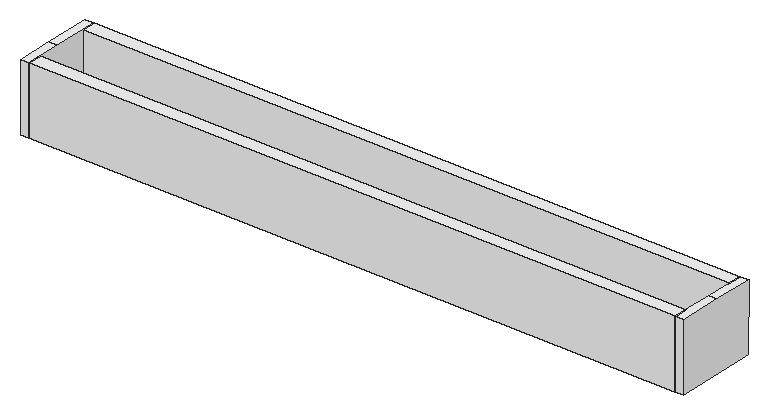
Revit family "70L-SR-D", category Lighting Fixtures, host Face, Revit 2021
Family settings
  Host = Face
  Round Connector Dimension = Use Diameter
  Part Type = Normal
  OmniClass Number = 23.80.70.14.21
  OmniClass Title = Street and Roadway Lighting
  Cut with Voids When Loaded = No
  Light Source = Yes
  Shared = Yes
  Room Calculation Point = No
Parameters (values of type "70L-SR-D-02")
  zz Length 1 = 24.000"
  Watts = 25 W
  Wattage Comments = ""
  Wattage = 106.5 W
  built-in parameter 1150110 = 1 (stored number, unit not read)
  Voltage = 120 V
  URL = "https://www.currentlighting.com/litecontrol"
  Type Comments = "Lighting Fixtures"  # constant formula
  built-in parameter 1114217 = 1 (stored number, unit not read)
  Tilt Angle = -90.00°  # constant formula
  built-in parameter 1150109 = 1 (stored number, unit not read)
  built-in parameter 1150134 = (empty or 0)
  built-in parameter 1150113 = 1 (stored number, unit not read)
  Product Page URL = ""
  Product Material = White
  Product Documentation Link = ""
  Power Factor = 1
  Photometric Web Link = ""
  Photometric Web File = "70L-X-D-4-CX-35K-D030-ECC.ies"
  Photometric Note = "More Photometric Web Files dowload in the Web link"  # constant formula
  Model = "Nelo 70L"  # constant formula
  Manufacturer = "LITECONTROL"  # constant formula
  built-in parameter 1150105 = -5126353.4 (stored number, unit not read)
  Lumens = 12247.5 lm
  built-in parameter 1150115 = 1 (stored number, unit not read)
  Load Classification = Lighting
  built-in parameter 1150137 = (empty or 0)
  built-in parameter 1150139 = (empty or 0)
  built-in parameter 1150112 = 1 (stored number, unit not read)
  built-in parameter 1150114 = 1 (stored number, unit not read)
  Lamp = "LED"  # constant formula
  built-in parameter 1150132 = (empty or 0)
  built-in parameter 1150102 = (empty or 0)
  built-in parameter 1150107 = 3107 (stored number, unit not read)
  built-in parameter 1150138 = (empty or 0)
  built-in parameter 1150106 = -51263.5 (stored number, unit not read)
  Glass = Glass -White
  Features = " Variable Intensity technology provides a range of specifiable outputs and \r\nresulting fixture wattages\r\n•  1200 lumens max. See performance data table on page 4 for additional \r\ninformation\r\n•  80 & 90 CRI (30, 35, 40K); Warm Dim (30-22K), Tunable White (27-65K & 27-50K)"  # constant formula
  Emit from Line Length = zz Length 1 - 1.000"  # 23.000"
  built-in parameter 1150104 = 10.684 (stored number, unit not read)
  Dimming Lamp Color Temperature Shift = <None>
  Description = "Open Aperture Recessed Direct"  # constant formula
  Default Elevation = 48.000"
  Contact Us = ""
  Color Filter = 16777215
  built-in parameter 1114218 = 1 (stored number, unit not read)
  built-in parameter 1150133 = 10 (stored number, unit not read)
  Assembly Code = "D5020200"
  Apparent Load = Watts / Power Factor  # 25 VA
Types (7): name | zz Length 1 | Emit from Line Length
  (no name) | 24.000" | 23.000"
  70L-SR-D-02 | 24.000" | 23.000"
  70L-SR-D-03 | 36.000" | 35.000"
  70L-SR-D-04 | 48.000" | 47.000"
  70L-SR-D-05 | 60.000" | 59.000"
  70L-SR-D-06 | 72.000" | 71.000"
  70L-SR-D-08 | 96.000" | 95.000"
Reference planes (in)
  plane 1 "Center (Front/Back)": y = 0
  plane 2: z = 0
  plane 3 "Center (Left/Right)": x = 0
  plane 4: x = 12
  plane 5: x = -12
  plane 6: y = -1.5
  plane 7: y = 1.5
  plane 8: z = 13.75
  plane 9: x = 12.313
  plane 10: x = -12.313
  plane 11: x = -11
  plane 12: x = 11
Forms (in)
  Extrusion 1, solid, material "White" <- "Product Material"
    sketch origin (0, 0, -12) x (0, 1, 0) y (0, 0, 1)
      loop
        line (1.5, 13.75) -> (1, 13.75) -> (1, 12) -> (0, 12) -> (-1, 12) -> (-1, 13.75) -> (-1.5, 13.75) -> (-1.5, 11.25) -> (1.5, 11.25) -> (1.5, 13.75)
    from -12 to 12
  Extrusion 2, solid, material "White" <- "Product Material"
    sketch origin (0, 0, -12) x (0, 1, 0) y (0, 0, 1)
      loop
        line (-1.5, 13.75) -> (-1.5, 11.25) -> (1.5, 11.25) -> (1.5, 13.75) -> (0.06039, 13.75) -> (-1.5, 13.75)
    from 12 to 12.313
  Extrusion 3, solid, material "White" <- "Product Material"
    sketch origin (0, 0, -12) x (0, 1, 0) y (0, 0, -1)
      loop
        line (-1.5, -13.75) -> (-0.15742, -13.75) -> (1.5, -13.75) -> (1.5, -11.25) -> (-1.5, -11.25) -> (-1.5, -13.75)
    from 12 to 12.313
Dimensions and locks (in)
  "zz Length 1": plane 4 to plane 5
  equal spacing: plane 4, plane 3 "Center (Left/Right)", plane 5
  locked: plane 4 to plane 12 at 1
  locked: plane 9 to plane 4 at 0.313
  locked: plane 11 to plane 5 at 1
  locked: plane 5 to plane 10 at 0.313
  aligned and locked: plane 2 to host face
  aligned and locked: level to host face
  aligned and locked: Extrusion 1 to plane 5
  aligned and locked: plane 4 to Extrusion 1
  aligned and locked: plane 9 to Extrusion 2
  aligned and locked: Extrusion 2 to plane 4
  aligned and locked: Extrusion 3 to plane 10
  aligned and locked: plane 5 to Extrusion 3
Automatic sketch dimensions
  host sketch curve to host sketch curve = 96.000"  (x2)
  Extrusion 1 sketch curve to plane 6 = 0.000"
  Extrusion 1 sketch curve to plane 8 = 12.000"  (x2)
  Extrusion 1 sketch curve to plane 1 "Center (Front/Back)" = 0.000"
  Extrusion 1 sketch curve to plane 7 = 0.000"
  Extrusion 1 sketch curve to plane 6 = 0.500"
  plane 7 to Extrusion 1 sketch curve = 0.500"
  Extrusion 1 sketch curve to plane 8 = 13.750"
  Extrusion 1 sketch curve to Extrusion 1 sketch curve = 0.750"
  Extrusion 3 sketch curve to plane 6 = 0.000"
  Extrusion 3 sketch curve to plane 7 = 0.000"
  Extrusion 3 sketch curve to level = 0.750"
  Extrusion 2 sketch curve to plane 6 = 0.000"
  Extrusion 2 sketch curve to plane 7 = 0.000"
  Extrusion 2 sketch curve to level = 0.750"
  level to Extrusion 2 sketch curve = 1.750"
  Extrusion 2 sketch curve to Extrusion 2 sketch curve = 1.43961"
  level to Extrusion 3 sketch curve = 1.750"
  Extrusion 3 sketch curve to plane 6 = 1.34258"
Connectors (in)
  electrical at (0, 0, -0.75), driven by "Apparent Load", driven by "Voltage"
    settings: on Extrusion 1, index 1, voltage 120 V, apparent load 25 VA, apparent load phase1 0 VA, apparent load phase2 0 VA, apparent load phase3 0 VA, power factor 1, load classification "Other", number of poles 1, system type 30, power factor state 1, is connector primary yes, connector utility no, sub classification motor no, connector description "Lighting Connector"
